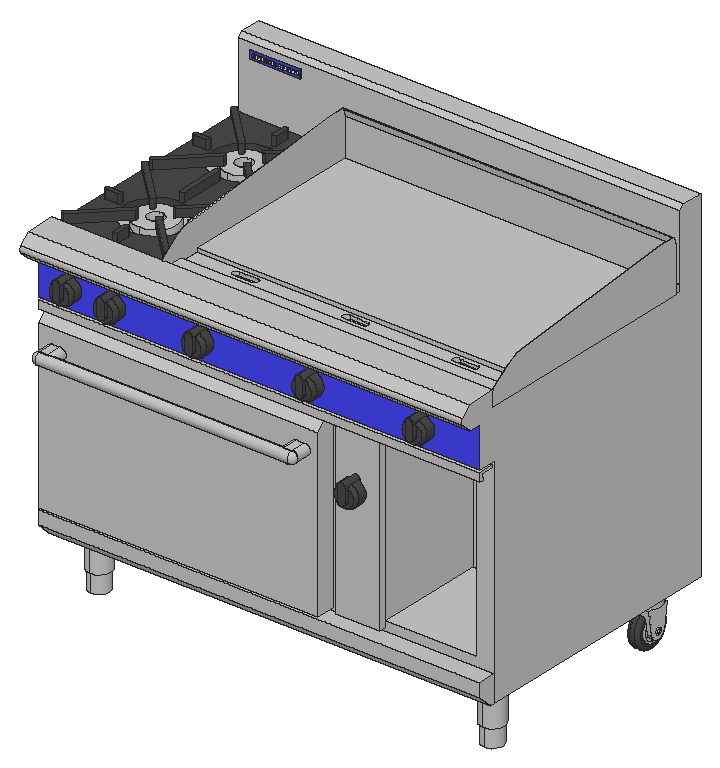
Revit family "QF_MOFFAT_BLUESEAL_CE_GE58A", category Specialty Equipment, Revit 2012
Parameters
  Width = 1200 mm
  Weight in Pounds = 485
  Watts = 6600 W
  Volts = 400 V
  URL Cutsheet = "www.moffat.com"
  URL = "www.moffat.com"
  Type Mark [instance] = ""
  Status [instance] = ""
  Specification by User [instance] = ""
  Specification by Manufacturer = ""
  Show Logo [instance] = yes
  Show Clearance [instance] = yes
  Show Casters [instance] = yes
  Serial Number = ""
  Seismic Rating = ""
  SMACNA No = ""
  Revision Code [instance] = ""
  Phase = 3
  Omniclass Number and Title = ""
  Number of Poles [instance] = 1
  NAFEM Spec ID Number = ""
  Model = "GE58A"
  Min Ckt Ampacity = 0 A
  Mechanical Remarks = ""
  Mechanical Connection Type [instance] = ""
  Max Overcurrent Protection = 0 A
  Masterspec = ""
  Manufacturer = "MOFFAT BLUESEAL"
  Legs [instance] = not(Show Casters)  # no
  Item Number [instance] = ""
  Installed By [instance] = ""
  Identify Quantity as Lot [instance] = yes
  Height = 970 mm
  HP = ""
  Gas Size = 3/4"
  Gas RI Height [instance] = 0 mm
  Gas KW = 32
  Gas Input [instance] = 81500.0 Btu/h
  Gas Connection Height = 0 mm
  Furnished By [instance] = ""
  Foodservice Equipment Identifier [instance] = yes
  FL Amps = 9.4 A
  Electrical Remarks = "9.4A PER PHASE"
  Electric Connection Type = ""
  Elec Conn RI Height = 0 mm
  Elec Conn Connection Height = 0 mm
  Description = "1200MM GAS RANGE WITH ELECTRIC CONVECTION OVEN"
  Depth = 812 mm
  Cycle = 50 Hz
  Conn Plug = ""
  Conn Conduit = yes
  CSI MasterFormat = ""
  CSI Master Format = ""
  Body Finish = QF_Finishes_Stainless Steel
  Apparent Power = 0 VA
Reference planes
  plane 1 "BACK": y = 0
  plane 2: z = 0
  plane 3 "LEFT": x = 0
  plane 4 "RIGHT": x = 1200
  plane 5 "FRONT": y = -812
  plane 6 "TOP": z = 970
  plane 7 "Center Y": x = 600
  plane 8 "Center X": y = -406
  plane 9: x = 280
  plane 10: y = -574.272
  plane 11: x = 60
  plane 12: y = -304.972
  plane 13: y = -364.972
  plane 14: x = 74
  plane 15: y = -812
  plane 16: x = 1134.5
  plane 17: y = -32
  plane 18: z = 655
  plane 19: x = 65.5
  plane 20: x = 65.8
  plane 21: z = 1085
  plane 22: y = -705
Forms (mm)
  Extrusion 1, solid, material "QF_Finishes_Stainless Steel" <- "Body Finish"
    sketch origin (0, 0, 0) x (0, 1, 0) y (0, 0, 1)
      loop
        line (0, 150) -> (0, 1085) -> (-57.5, 1085) -> (-70, 1072.5) -> (-70, 875) -> (-705, 875) -> (-705, 915) -> (-783.97, 915) -> (-808.49, 890.48)
        arc (-808.49, 890.48) -> (-812.002, 882) -> (-808.49, 873.52) r 11.993
        line (-808.49, 873.52) -> (-784.97, 850) -> (-749, 850) -> (-749, 740) -> (-699, 740) -> (-699, 150) -> (0, 150)
      loop
        line (-749, 222.5) -> (-749, 186) -> (-713.26, 150.26) -> (-701, 150.26) -> (-701, 222.5) -> (-749, 222.5)
      loop
        line (-749, 710) -> (-740.224, 710) -> (-742.613, 726.999) -> (-707.93, 726.999) -> (-707.93, 734.003) -> (-749, 734.003) -> (-749, 710)
    from 0 to 1200
  Extrusion 2, solid, material "QF_Finishes_Stainless Steel"
    sketch origin (0, 7, 0) x (0, 1, 0) y (0, 0, 1)
      loop
        line (-706, 700) -> (-732, 700) -> (-756, 676) -> (-756, 227.5) -> (-706, 227.5) -> (-706, 700)
    from 0 to 760
  Extrusion 3, solid, material "QF_Finishes_Stainless Steel"
    sketch origin (723.5, 7, 0) x (0, 1, 0) y (0, 0, 1)
      loop
        line (-706, 700) -> (-721, 700) -> (-721, 227.5) -> (-706, 227.5) -> (-706, 700)
    from 56.898 to 176.5
  Revolve 4, solid, material "QF_Finishes_Stainless Steel" <- "Body Finish"
    sketch origin (1134.5, -696.126, 0) x (0, 1, 0) y (0, 0, -1)
      loop
        line (39.376, -150) -> (71.126, -150) -> (71.126, 0) -> (43.626, 0) -> (43.626, -50) -> (39.376, -50) -> (39.376, -150)
      axis (71.126, -150) -> (71.126, 0)
    angle from 0 to 360
  Revolve 5, solid, material "QF_Finishes_Stainless Steel" <- "Body Finish"
    sketch origin (65.5, -696.126, 0) x (0, 1, 0) y (0, 0, 1)
      loop
        line (39.376, 150) -> (39.376, 50) -> (43.626, 50) -> (43.626, 0) -> (71.126, 0) -> (71.126, 150) -> (39.376, 150)
      axis (71.126, 150) -> (71.126, 0)
    angle from 0 to 360
  Extrusion 6, solid, material "QF_Finishes_Stainless Steel"
    sketch origin (-64.5, 0, 325) x (1, 0, 0) y (0, 1, 0)
      loop
        circle (1134.5, -32) r 10
    from 330 to 374.856
  Extrusion 7, void
    sketch origin (0, -703.73, 150) x (0, 0, -1) y (-1, 0, 0)
      loop
        line (-526, -900) -> (-526, -1150) -> (-96, -1150) -> (-96, -900) -> (-526, -900)
    from 0 to 304.8
  Extrusion 8, solid, material "QF_Finishes_Black"
    sketch origin (0, -70, 875) x (0, -1, 0) y (1, 0, 0)
      loop
        arc (1, 4) -> (1.879, 1.879) -> (4, 1) r 3
        line (4, 1) -> (632, 1)
        arc (632, 1) -> (634.121, 1.879) -> (635, 4) r 3
        line (635, 4) -> (635, 297.232)
        arc (635, 297.232) -> (634.121, 299.354) -> (632, 300.232) r 3
        line (632, 300.232) -> (4, 300.232)
        arc (4, 300.232) -> (1.879, 299.354) -> (1, 297.232) r 3
        line (1, 297.232) -> (1, 4)
      loop
        circle (167.5, 150) r 85
      loop
        circle (467.768, 150) r 85
    from 0 to 19.5
  Extrusion 9, solid, material "QF_Finishes_Black"
    sketch origin (0, -70, 894.5) x (0, -1, 0) y (1, 0, 0)
      loop
        spline (327.102, 15.153) -> (326.181, 13.924) -> (325.631, 12.47) -> (325.49, 10.89) -> (325.767, 9.292) -> (326.443, 7.786) -> (327.473, 6.473) -> (328.786, 5.443) -> (330.292, 4.767) -> (331.89, 4.49) -> (333.47, 4.631) -> (334.924, 5.181) -> (336.153, 6.102)
        line (336.153, 6.102) -> (444.076, 114.025)
        spline (444.076, 114.025) -> (444.837, 115.095) -> (445.238, 116.399) -> (445.251, 117.851) -> (444.875, 119.35) -> (444.137, 120.795) -> (443.086, 122.086) -> (441.795, 123.137) -> (440.35, 123.875) -> (438.851, 124.251) -> (437.399, 124.238) -> (436.095, 123.837) -> (435.025, 123.076)
        line (435.025, 123.076) -> (327.102, 15.153)
      loop
        line (611.398, 15.153) -> (503.475, 123.076)
        spline (503.475, 123.076) -> (502.405, 123.837) -> (501.101, 124.238) -> (499.649, 124.251) -> (498.15, 123.875) -> (496.705, 123.137) -> (495.414, 122.086) -> (494.363, 120.795) -> (493.625, 119.35) -> (493.249, 117.851) -> (493.262, 116.399) -> (493.663, 115.095) -> (494.424, 114.025)
        line (494.424, 114.025) -> (602.347, 6.102)
        spline (602.347, 6.102) -> (603.416, 5.341) -> (604.721, 4.941) -> (606.172, 4.928) -> (607.671, 5.303) -> (609.116, 6.041) -> (610.408, 7.092) -> (611.459, 8.384) -> (612.197, 9.829) -> (612.572, 11.328) -> (612.559, 12.779) -> (612.159, 14.084) -> (611.398, 15.153)
      loop
        spline (379.102, 143.6) -> (380.396, 143.818) -> (381.602, 144.457) -> (382.638, 145.475) -> (383.432, 146.8) -> (383.932, 148.344) -> (384.102, 150) -> (383.932, 151.656) -> (383.432, 153.2) -> (382.638, 154.525) -> (381.602, 155.543) -> (380.396, 156.182) -> (379.102, 156.4)
        line (379.102, 156.4) -> (259.398, 156.4)
        spline (259.398, 156.4) -> (258.104, 156.182) -> (256.898, 155.543) -> (255.862, 154.525) -> (255.068, 153.2) -> (254.568, 151.656) -> (254.398, 150) -> (254.568, 148.344) -> (255.068, 146.8) -> (255.862, 145.475) -> (256.898, 144.457) -> (258.104, 143.818) -> (259.398, 143.6)
        line (259.398, 143.6) -> (379.102, 143.6)
      loop
        spline (23.602, 15.153) -> (22.681, 13.924) -> (22.131, 12.47) -> (21.99, 10.89) -> (22.267, 9.292) -> (22.943, 7.786) -> (23.973, 6.473) -> (25.286, 5.443) -> (26.792, 4.767) -> (28.39, 4.49) -> (29.97, 4.631) -> (31.424, 5.181) -> (32.653, 6.102)
        line (32.653, 6.102) -> (140.576, 114.025)
        spline (140.576, 114.025) -> (141.337, 115.095) -> (141.738, 116.399) -> (141.751, 117.851) -> (141.375, 119.35) -> (140.637, 120.795) -> (139.586, 122.086) -> (138.295, 123.137) -> (136.85, 123.875) -> (135.351, 124.251) -> (133.899, 124.238) -> (132.595, 123.837) -> (131.525, 123.076)
        line (131.525, 123.076) -> (23.602, 15.153)
      loop
        line (311.398, 15.153) -> (203.475, 123.076)
        spline (203.475, 123.076) -> (202.405, 123.837) -> (201.101, 124.238) -> (199.649, 124.251) -> (198.15, 123.875) -> (196.705, 123.137) -> (195.414, 122.086) -> (194.363, 120.795) -> (193.625, 119.35) -> (193.249, 117.851) -> (193.262, 116.399) -> (193.663, 115.095) -> (194.424, 114.025)
        line (194.424, 114.025) -> (302.347, 6.102)
        spline (302.347, 6.102) -> (303.416, 5.341) -> (304.721, 4.941) -> (306.172, 4.928) -> (307.671, 5.303) -> (309.116, 6.041) -> (310.408, 7.092) -> (311.459, 8.384) -> (312.197, 9.829) -> (312.572, 11.328) -> (312.559, 12.779) -> (312.159, 14.084) -> (311.398, 15.153)
      loop
        line (327.102, 284.847) -> (435.025, 176.924)
        spline (435.025, 176.924) -> (436.095, 176.163) -> (437.399, 175.762) -> (438.851, 175.749) -> (440.35, 176.125) -> (441.795, 176.863) -> (443.086, 177.914) -> (444.137, 179.205) -> (444.875, 180.65) -> (445.251, 182.149) -> (445.238, 183.601) -> (444.837, 184.905) -> (444.076, 185.975)
        line (444.076, 185.975) -> (336.153, 293.898)
        spline (336.153, 293.898) -> (334.924, 294.819) -> (333.47, 295.369) -> (331.89, 295.51) -> (330.292, 295.233) -> (328.786, 294.557) -> (327.473, 293.527) -> (326.443, 292.214) -> (325.767, 290.708) -> (325.49, 289.11) -> (325.631, 287.53) -> (326.181, 286.076) -> (327.102, 284.847)
      loop
        spline (611.398, 284.847) -> (612.159, 285.916) -> (612.559, 287.221) -> (612.572, 288.672) -> (612.197, 290.171) -> (611.459, 291.616) -> (610.408, 292.908) -> (609.116, 293.959) -> (607.671, 294.697) -> (606.172, 295.072) -> (604.721, 295.059) -> (603.416, 294.659) -> (602.347, 293.898)
        line (602.347, 293.898) -> (494.424, 185.975)
        spline (494.424, 185.975) -> (493.663, 184.905) -> (493.262, 183.601) -> (493.249, 182.149) -> (493.625, 180.65) -> (494.363, 179.205) -> (495.414, 177.914) -> (496.705, 176.863) -> (498.15, 176.125) -> (499.649, 175.749) -> (501.101, 175.762) -> (502.405, 176.163) -> (503.475, 176.924)
        line (503.475, 176.924) -> (611.398, 284.847)
      loop
        line (23.602, 284.847) -> (131.525, 176.924)
        spline (131.525, 176.924) -> (132.595, 176.163) -> (133.899, 175.762) -> (135.351, 175.749) -> (136.85, 176.125) -> (138.295, 176.863) -> (139.586, 177.914) -> (140.637, 179.205) -> (141.375, 180.65) -> (141.751, 182.149) -> (141.738, 183.601) -> (141.337, 184.905) -> (140.576, 185.975)
        line (140.576, 185.975) -> (32.653, 293.898)
        spline (32.653, 293.898) -> (31.424, 294.819) -> (29.97, 295.369) -> (28.39, 295.51) -> (26.792, 295.233) -> (25.286, 294.557) -> (23.973, 293.527) -> (22.943, 292.214) -> (22.267, 290.708) -> (21.99, 289.11) -> (22.131, 287.53) -> (22.681, 286.076) -> (23.602, 284.847)
      loop
        spline (311.398, 284.847) -> (312.159, 285.916) -> (312.559, 287.221) -> (312.572, 288.672) -> (312.197, 290.171) -> (311.459, 291.616) -> (310.408, 292.908) -> (309.116, 293.959) -> (307.671, 294.697) -> (306.172, 295.072) -> (304.721, 295.059) -> (303.416, 294.659) -> (302.347, 293.898)
        line (302.347, 293.898) -> (194.424, 185.975)
        spline (194.424, 185.975) -> (193.663, 184.905) -> (193.262, 183.601) -> (193.249, 182.149) -> (193.625, 180.65) -> (194.363, 179.205) -> (195.414, 177.914) -> (196.705, 176.863) -> (198.15, 176.125) -> (199.649, 175.749) -> (201.101, 175.762) -> (202.405, 176.163) -> (203.475, 176.924)
        line (203.475, 176.924) -> (311.398, 284.847)
      loop
        spline (473.9, 292.104) -> (473.682, 293.398) -> (473.043, 294.604) -> (472.025, 295.64) -> (470.7, 296.434) -> (469.156, 296.934) -> (467.5, 297.104) -> (465.844, 296.934) -> (464.3, 296.434) -> (462.975, 295.64) -> (461.957, 294.604) -> (461.318, 293.398) -> (461.1, 292.104)
        line (461.1, 292.104) -> (461.1, 242.13)
        spline (461.1, 242.13) -> (461.318, 240.836) -> (461.957, 239.63) -> (462.975, 238.595) -> (464.3, 237.8) -> (465.844, 237.301) -> (467.5, 237.13) -> (469.156, 237.301) -> (470.7, 237.8) -> (472.025, 238.595) -> (473.043, 239.63) -> (473.682, 240.836) -> (473.9, 242.13)
        line (473.9, 242.13) -> (473.9, 292.104)
      loop
        spline (173.9, 292.104) -> (173.682, 293.398) -> (173.043, 294.604) -> (172.025, 295.64) -> (170.7, 296.434) -> (169.156, 296.934) -> (167.5, 297.104) -> (165.844, 296.934) -> (164.3, 296.434) -> (162.975, 295.64) -> (161.957, 294.604) -> (161.318, 293.398) -> (161.1, 292.104)
        line (161.1, 292.104) -> (161.1, 242.13)
        spline (161.1, 242.13) -> (161.318, 240.836) -> (161.957, 239.63) -> (162.975, 238.595) -> (164.3, 237.8) -> (165.844, 237.301) -> (167.5, 237.13) -> (169.156, 237.301) -> (170.7, 237.8) -> (172.025, 238.595) -> (173.043, 239.63) -> (173.682, 240.836) -> (173.9, 242.13)
        line (173.9, 242.13) -> (173.9, 292.104)
      loop
        spline (65.602, 143.6) -> (66.896, 143.818) -> (68.102, 144.457) -> (69.138, 145.475) -> (69.932, 146.8) -> (70.432, 148.344) -> (70.602, 150) -> (70.432, 151.656) -> (69.932, 153.2) -> (69.138, 154.525) -> (68.102, 155.543) -> (66.896, 156.182) -> (65.602, 156.4)
        line (65.602, 156.4) -> (29.398, 156.4)
        spline (29.398, 156.4) -> (28.104, 156.182) -> (26.898, 155.543) -> (25.862, 154.525) -> (25.068, 153.2) -> (24.568, 151.656) -> (24.398, 150) -> (24.568, 148.344) -> (25.068, 146.8) -> (25.862, 145.475) -> (26.898, 144.457) -> (28.104, 143.818) -> (29.398, 143.6)
        line (29.398, 143.6) -> (65.602, 143.6)
      loop
        spline (605.602, 143.6) -> (606.896, 143.818) -> (608.102, 144.457) -> (609.138, 145.475) -> (609.932, 146.8) -> (610.432, 148.344) -> (610.602, 150) -> (610.432, 151.656) -> (609.932, 153.2) -> (609.138, 154.525) -> (608.102, 155.543) -> (606.896, 156.182) -> (605.602, 156.4)
        line (605.602, 156.4) -> (569.398, 156.4)
        spline (569.398, 156.4) -> (568.104, 156.182) -> (566.898, 155.543) -> (565.862, 154.525) -> (565.068, 153.2) -> (564.568, 151.656) -> (564.398, 150) -> (564.568, 148.344) -> (565.068, 146.8) -> (565.862, 145.475) -> (566.898, 144.457) -> (568.104, 143.818) -> (569.398, 143.6)
        line (569.398, 143.6) -> (605.602, 143.6)
      loop
        line (460.626, 50.584) -> (460.626, 16.591)
        spline (460.626, 16.591) -> (460.844, 15.297) -> (461.483, 14.091) -> (462.501, 13.055) -> (463.826, 12.261) -> (465.37, 11.761) -> (467.026, 11.591) -> (468.682, 11.761) -> (470.226, 12.261) -> (471.551, 13.055) -> (472.569, 14.091) -> (473.208, 15.297) -> (473.426, 16.591)
        line (473.426, 16.591) -> (473.426, 50.584)
        spline (473.426, 50.584) -> (473.208, 51.878) -> (472.569, 53.084) -> (471.551, 54.119) -> (470.226, 54.914) -> (468.682, 55.413) -> (467.026, 55.584) -> (465.37, 55.413) -> (463.826, 54.914) -> (462.501, 54.119) -> (461.483, 53.084) -> (460.844, 51.878) -> (460.626, 50.584)
      loop
        line (160.11, 50.584) -> (160.11, 16.591)
        spline (160.11, 16.591) -> (160.328, 15.297) -> (160.967, 14.091) -> (161.984, 13.055) -> (163.31, 12.261) -> (164.853, 11.761) -> (166.51, 11.591) -> (168.166, 11.761) -> (169.71, 12.261) -> (171.035, 13.055) -> (172.052, 14.091) -> (172.692, 15.297) -> (172.91, 16.591)
        line (172.91, 16.591) -> (172.91, 50.584)
        spline (172.91, 50.584) -> (172.692, 51.878) -> (172.052, 53.084) -> (171.035, 54.119) -> (169.71, 54.914) -> (168.166, 55.413) -> (166.51, 55.584) -> (164.853, 55.413) -> (163.31, 54.914) -> (161.984, 54.119) -> (160.967, 53.084) -> (160.328, 51.878) -> (160.11, 50.584)
    from 0 to 23.5
  Revolve 10, solid, material "QF_Finishes_Black"
    sketch origin (90.649, 45.874, -0.118) x (0, 1, 0) y (0, 0, -1)
      loop
        line (-827.874, -829.5) -> (-804.874, -829.5) -> (-804.874, -802) -> (-794.874, -802) -> (-794.874, -797) -> (-838.874, -797) -> (-838.874, -823.651) -> (-827.874, -829.5)
      axis (-838.874, -797) -> (-794.874, -797)
    angle from 0 to 360
  Revolve 11, solid, material "QF_Finishes_Black"
    sketch origin (210.649, 45.874, -0.118) x (0, 1, 0) y (0, 0, -1)
      loop
        line (-827.874, -829.5) -> (-804.874, -829.5) -> (-804.874, -802) -> (-794.874, -802) -> (-794.874, -797) -> (-838.874, -797) -> (-838.874, -823.651) -> (-827.874, -829.5)
      axis (-838.874, -797) -> (-794.874, -797)
    angle from 0 to 360
  Revolve 12, solid, material "QF_Finishes_Black"
    sketch origin (450.345, 45.874, -0.118) x (0, 1, 0) y (0, 0, -1)
      loop
        line (-827.874, -829.5) -> (-804.874, -829.5) -> (-804.874, -802) -> (-794.874, -802) -> (-794.874, -797) -> (-838.874, -797) -> (-838.874, -823.651) -> (-827.874, -829.5)
      axis (-838.874, -797) -> (-794.874, -797)
    angle from 0 to 360
  Extrusion 13, solid, material "QF_Finishes_Black"
    sketch origin (238.456, 7, -0.118) x (-1, 0, 0) y (0, 0, -1)
      loop
        arc (158.3, -789) -> (148.3, -779) -> (138.3, -789) r 10
        line (138.3, -789) -> (138.3, -824)
        arc (138.3, -824) -> (148.3, -834) -> (158.3, -824) r 10
        line (158.3, -824) -> (158.3, -789)
    from 759 to 808
  Extrusion 14, solid, material "QF_Finishes_Black"
    sketch origin (358.456, 7, -0.118) x (-1, 0, 0) y (0, 0, -1)
      loop
        arc (158.3, -789) -> (148.3, -779) -> (138.3, -789) r 10
        line (138.3, -789) -> (138.3, -824)
        arc (138.3, -824) -> (148.3, -834) -> (158.3, -824) r 10
        line (158.3, -824) -> (158.3, -789)
    from 759 to 808
  Extrusion 15, solid, material "QF_Finishes_Black"
    sketch origin (598.152, 7, -0.118) x (-1, 0, 0) y (0, 0, -1)
      loop
        arc (158.3, -789) -> (148.3, -779) -> (138.3, -789) r 10
        line (138.3, -789) -> (138.3, -824)
        arc (138.3, -824) -> (148.3, -834) -> (158.3, -824) r 10
        line (158.3, -824) -> (158.3, -789)
    from 759 to 808
  Revolve 16, solid, material "QF_Finishes_Black"
    sketch origin (836.851, 80.874, -246.368) x (0, 1, 0) y (0, 0, 1)
      loop
        line (-827.874, 829.5) -> (-838.874, 823.651) -> (-838.874, 797) -> (-794.874, 797) -> (-794.874, 802) -> (-804.874, 802) -> (-804.874, 829.5) -> (-827.874, 829.5)
      axis (-838.874, 797) -> (-794.874, 797)
    angle from 0 to 360
  Extrusion 17, solid, material "QF_Finishes_Black"
    sketch origin (389.044, 42, -246.368) x (1, 0, 0) y (0, 0, 1)
      loop
        line (458.3, 789) -> (458.3, 824)
        arc (458.3, 824) -> (448.3, 834) -> (438.3, 824) r 10
        line (438.3, 824) -> (438.3, 789)
        arc (438.3, 789) -> (448.3, 779) -> (458.3, 789) r 10
    from 759 to 808
  Extrusion 18, solid, material "QF_Door-Drawer Clearances", visible <- "Show Clearance", detail levels coarse
    sketch origin (760, 7, 0) x (0, 1, 0) y (0, 0, 1)
      loop
        arc (-756, 697.347) -> (-1088.232, 559.732) -> (-1225.847, 227.5) r 469.847
        line (-1225.847, 227.5) -> (-756, 227.5) -> (-756, 697.347)
    from 0 to -760
  Extrusion 19, void
    sketch origin (0, 0, 150) x (-1, 0, 0) y (0, -1, 0)
      loop
        line (-1133.988, 87.26) -> (-1133.988, -30.24) -> (-1004.488, -30.24) -> (-1004.488, 38.76) -> (-1052.988, 87.26) -> (-1133.988, 87.26)
    from 72.5 to 549.856
  Extrusion 20, solid, material "QF_Finishes_Stainless Steel"
    sketch origin (0, -749, 227.5) x (0, 0, 1) y (-1, 0, 0)
      loop
        line (380.625, -38.246) -> (380.625, -58.528)
        arc (380.625, -58.528) -> (395.625, -73.528) -> (410.625, -58.528) r 15
        line (410.625, -58.528) -> (410.625, -38.246)
        arc (410.625, -38.246) -> (395.625, -23.246) -> (380.625, -38.246) r 15
      loop
        arc (380.625, -723.039) -> (395.625, -738.039) -> (410.625, -723.039) r 15
        line (410.625, -723.039) -> (410.625, -702.757)
        arc (410.625, -702.757) -> (395.625, -687.757) -> (380.625, -702.757) r 15
        line (380.625, -702.757) -> (380.625, -723.039)
    from 0 to 44
  Revolve 21, solid, material "QF_Finishes_Stainless Steel"
    sketch origin (0, -793, 0) x (1, 0, 0) y (0, 0, 1)
      loop
        arc (738.039, 623.125) -> (733.646, 633.732) -> (723.039, 638.125) r 15
        line (723.039, 638.125) -> (38.246, 638.125)
        arc (38.246, 638.125) -> (27.64, 633.732) -> (23.246, 623.125) r 15
        line (23.246, 623.125) -> (738.039, 623.125)
      axis (738.039, 623.125) -> (23.246, 623.125)
    angle from 0 to 360
  Extrusion 22, solid, material "QF_Finishes_Stainless Steel"
    sketch origin (0, -70, 875) x (0, -1, 0) y (1, 0, 0)
      loop
        circle (467.5, 150) r 57
      loop
        circle (167.5, 150) r 57
      loop
        circle (467.5, 150) r 22
      loop
        circle (167.5, 150) r 22
    from 0 to 19.5
  Extrusion 23, solid, material "QF_Finishes_Stainless Steel"
    sketch origin (0, 0, 0) x (1, 0, 0) y (0, 1, 0)
      loop
        circle (826, -501) r 6.35
    from 148.072 to 150
  Extrusion 24, solid, material "QF_Finishes_Stainless Steel", visible <- "Show Casters"
    sketch origin (71.501, 133.353, -8.783) x (0, 1, 0) y (0, 0, 1)
      loop
        line (-201.603, 118.783) -> (-265.103, 118.783) -> (-252.746, 53.895)
        arc (-252.746, 53.895) -> (-233.353, 38.783) -> (-213.959, 53.895) r 20
        line (-213.959, 53.895) -> (-201.603, 118.783)
    from -35.667 to 22.923
  Revolve 25, solid, material "QF_Finishes_Stainless Steel", visible <- "Show Casters"
    sketch origin (65, -203, 0) x (0, 1, 0) y (0, 0, 1)
      loop
        line (67.25, 150) -> (67.25, 110) -> (103, 110) -> (103, 150) -> (67.25, 150)
      axis (103, 150) -> (103, 110)
    angle from 0 to 360
  Revolve 26, solid, material "QF_Finishes_Stainless Steel", visible <- "Show Casters"
    sketch origin (1134.5, -203, 0) x (0, 1, 0) y (0, 0, -1)
      loop
        line (67.25, -150) -> (103, -150) -> (103, -110) -> (67.25, -110) -> (67.25, -150)
      axis (103, -150) -> (103, -110)
    angle from 0 to 360
  Revolve 27, solid, material "QF_Finishes_Stainless Steel", visible <- "Show Casters"
    sketch origin (1085.276, -99.755, -13.653) x (1, 0, 0) y (0, 0, 1)
      loop
        line (14.841, 64.453) -> (83.584, 64.453) -> (83.584, 67.958) -> (82.314, 69.228) -> (80.79, 69.228) -> (80.79, 72.674) -> (68.644, 72.674) -> (68.644, 82.639) -> (65.088, 84.692) -> (63.738, 93.028) -> (65.881, 93.028) -> (65.881, 99.378) -> (65.088, 99.378) -> (65.088, 105.728)
        arc (65.088, 105.728) -> (62.298, 112.463) -> (55.563, 115.253) r 9.525
        line (55.563, 115.253) -> (42.863, 115.253)
        arc (42.863, 115.253) -> (36.127, 112.463) -> (33.338, 105.728) r 9.525
        line (33.338, 105.728) -> (33.338, 99.378) -> (32.544, 99.378) -> (32.544, 93.028) -> (34.687, 93.028) -> (33.352, 84.781) -> (29.782, 82.719) -> (29.782, 72.674) -> (17.635, 72.674) -> (17.635, 69.228) -> (16.111, 69.228) -> (14.841, 67.958) -> (14.841, 64.453)
      axis (14.841, 64.453) -> (83.584, 64.453)
    angle from 0 to 360
  Extrusion 28, solid, material "QF_Finishes_Stainless Steel", visible <- "Show Casters"
    sketch origin (1141.001, 133.353, -8.783) x (0, 1, 0) y (0, 0, 1)
      loop
        line (-201.603, 118.783) -> (-265.103, 118.783) -> (-252.746, 53.895)
        arc (-252.746, 53.895) -> (-233.353, 38.783) -> (-213.959, 53.895) r 20
        line (-213.959, 53.895) -> (-201.603, 118.783)
    from -35.667 to 22.923
  Revolve 29, solid, material "QF_Finishes_Stainless Steel", visible <- "Legs"
    sketch origin (65, -165, 0) x (0, 1, 0) y (0, 0, 1)
      loop
        line (33.25, 150) -> (33.25, 50) -> (37.5, 50) -> (37.5, 0) -> (65, 0) -> (65, 150) -> (33.25, 150)
      axis (65, 150) -> (65, 0)
    angle from 0 to 360
  Revolve 30, solid, material "QF_Finishes_Stainless Steel", visible <- "Legs"
    sketch origin (1134.5, -165, 0) x (0, 1, 0) y (0, 0, -1)
      loop
        line (33.25, -150) -> (65, -150) -> (65, 0) -> (37.5, 0) -> (37.5, -50) -> (33.25, -50) -> (33.25, -150)
      axis (65, -150) -> (65, 0)
    angle from 0 to 360
  Revolve 31, solid, material "QF_Finishes_Stainless Steel", visible <- "Show Casters"
    sketch origin (114.224, -99.755, -13.653) x (-1, 0, 0) y (0, 0, -1)
      loop
        line (14.841, -64.453) -> (14.841, -67.958) -> (16.111, -69.228) -> (17.635, -69.228) -> (17.635, -72.674) -> (29.782, -72.674) -> (29.782, -82.719) -> (33.352, -84.781) -> (34.687, -93.028) -> (32.544, -93.028) -> (32.544, -99.378) -> (33.338, -99.378) -> (33.338, -105.728)
        arc (33.338, -105.728) -> (36.127, -112.463) -> (42.863, -115.253) r 9.525
        line (42.863, -115.253) -> (55.563, -115.253)
        arc (55.563, -115.253) -> (62.298, -112.463) -> (65.088, -105.728) r 9.525
        line (65.088, -105.728) -> (65.088, -99.378) -> (65.881, -99.378) -> (65.881, -93.028) -> (63.738, -93.028) -> (65.088, -84.692) -> (68.644, -82.639) -> (68.644, -72.674) -> (80.79, -72.674) -> (80.79, -69.228) -> (82.314, -69.228) -> (83.584, -67.958) -> (83.584, -64.453) -> (14.841, -64.453)
      axis (14.841, -64.453) -> (83.584, -64.453)
    angle from 0 to 360
  Revolve 32, solid, material "QF_Finishes_Black"
    sketch origin (750.232, 45.874, -0.118) x (0, 1, 0) y (0, 0, -1)
      loop
        line (-827.874, -829.5) -> (-804.874, -829.5) -> (-804.874, -802) -> (-794.874, -802) -> (-794.874, -797) -> (-838.874, -797) -> (-838.874, -823.651) -> (-827.874, -829.5)
      axis (-838.874, -797) -> (-794.874, -797)
    angle from 0 to 360
  Extrusion 33, solid, material "QF_Finishes_Black"
    sketch origin (898.039, 7, -0.118) x (-1, 0, 0) y (0, 0, -1)
      loop
        arc (158.3, -789) -> (148.3, -779) -> (138.3, -789) r 10
        line (138.3, -789) -> (138.3, -824)
        arc (138.3, -824) -> (148.3, -834) -> (158.3, -824) r 10
        line (158.3, -824) -> (158.3, -789)
    from 759 to 808
  Revolve 34, solid, material "QF_Finishes_Black"
    sketch origin (1050.119, 45.874, -0.118) x (0, 1, 0) y (0, 0, -1)
      loop
        line (-827.874, -829.5) -> (-804.874, -829.5) -> (-804.874, -802) -> (-794.874, -802) -> (-794.874, -797) -> (-838.874, -797) -> (-838.874, -823.651) -> (-827.874, -829.5)
      axis (-838.874, -797) -> (-794.874, -797)
    angle from 0 to 360
  Extrusion 35, solid, material "QF_Finishes_Black"
    sketch origin (1197.926, 7, -0.118) x (-1, 0, 0) y (0, 0, -1)
      loop
        arc (158.3, -789) -> (148.3, -779) -> (138.3, -789) r 10
        line (138.3, -789) -> (138.3, -824)
        arc (138.3, -824) -> (148.3, -834) -> (158.3, -824) r 10
        line (158.3, -824) -> (158.3, -789)
    from 759 to 808
Cuts and joins
  Extrusion 7, Extrusion 19 cuts Extrusion 1
Lines and regions (mm)
  Split face 1
    outline origin (1200, 0, 1085) x (-1, 0, 0) y (0, -1, 0)
      loop
        arc (935.206, 45.185) -> (926.545, 40.185) -> (926.545, 30.185) r 10
        line (926.545, 30.185) -> (930.587, 23.185)
        arc (930.587, 23.185) -> (934.247, 19.525) -> (939.247, 18.185) r 10
        line (939.247, 18.185) -> (1167.206, 18.185)
        arc (1167.206, 18.185) -> (1175.866, 23.185) -> (1175.866, 33.185) r 10
        line (1175.866, 33.185) -> (1171.824, 40.185)
        arc (1171.824, 40.185) -> (1168.164, 43.845) -> (1163.164, 45.185) r 10
        line (1163.164, 45.185) -> (935.206, 45.185)
  Split face 2
    outline origin (1200, 0, 1085) x (-1, 0, 0) y (0, -1, 0)
      loop
        arc (635.206, 45.185) -> (626.545, 40.185) -> (626.545, 30.185) r 10
        line (626.545, 30.185) -> (630.587, 23.185)
        arc (630.587, 23.185) -> (634.247, 19.525) -> (639.247, 18.185) r 10
        line (639.247, 18.185) -> (867.206, 18.185)
        arc (867.206, 18.185) -> (875.866, 23.185) -> (875.866, 33.185) r 10
        line (875.866, 33.185) -> (871.824, 40.185)
        arc (871.824, 40.185) -> (868.164, 43.845) -> (863.164, 45.185) r 10
        line (863.164, 45.185) -> (635.206, 45.185)
  Split face 3
    outline origin (1200, 0, 1085) x (-1, 0, 0) y (0, -1, 0)
      loop
        arc (335.206, 45.185) -> (326.545, 40.185) -> (326.545, 30.185) r 10
        line (326.545, 30.185) -> (330.587, 23.185)
        arc (330.587, 23.185) -> (334.247, 19.525) -> (339.247, 18.185) r 10
        line (339.247, 18.185) -> (567.206, 18.185)
        arc (567.206, 18.185) -> (575.866, 23.185) -> (575.866, 33.185) r 10
        line (575.866, 33.185) -> (571.824, 40.185)
        arc (571.824, 40.185) -> (568.164, 43.845) -> (563.164, 45.185) r 10
        line (563.164, 45.185) -> (335.206, 45.185)
  Split face 4
    outline origin (1200, 0, 1085) x (-1, 0, 0) y (0, -1, 0)
      loop
        arc (35.206, 45.185) -> (26.545, 40.185) -> (26.545, 30.185) r 10
        line (26.545, 30.185) -> (30.587, 23.185)
        arc (30.587, 23.185) -> (34.247, 19.525) -> (39.247, 18.185) r 10
        line (39.247, 18.185) -> (267.206, 18.185)
        arc (267.206, 18.185) -> (275.866, 23.185) -> (275.866, 33.185) r 10
        line (275.866, 33.185) -> (271.824, 40.185)
        arc (271.824, 40.185) -> (268.164, 43.845) -> (263.164, 45.185) r 10
        line (263.164, 45.185) -> (35.206, 45.185)
  symbolic lines
    curve 1: line (0, 0, 0) -> (0, -812, 0)
    curve 2: line (1200, 0, 0) -> (0, 0, 0)
    curve 3: line (1200, -812, 0) -> (1200, 0, 0)
    curve 4: line (0, -70, 0) -> (1200, -70, 0)
    curve 5: line (1200, -812, 0) -> (0, -812, 0)
    curve 6: line (1200, -708.3, 0) -> (0, -708.3, 0)
    curve 7: line (0, -705, 0) -> (1200, -705, 0)
    curve 8: line (1200, -72.734, 0) -> (0, -72.734, 0)
    curve 9: arc (22.65, -812, 0) -> (34.104, -822.278, 0) -> (48.889, -826.544, 0) r 34.455
    curve 10: line (48.889, -826.544, 0) -> (718.108, -826.544, 0)
    curve 11: arc (718.108, -826.544, 0) -> (732.653, -822.647, 0) -> (743.3, -812, 0) r 29.089
    curve 12: line (6.08, -94.387, 0) -> (121.515, -209.822, 0)
    curve 13: line (293.92, -94.387, 0) -> (178.485, -209.822, 0)
    curve 14: line (6.83, -379.864, 0) -> (121.515, -265.178, 0)
    curve 15: line (292.516, -379.21, 0) -> (178.485, -265.178, 0)
    curve 16: line (6.08, -398.155, 0) -> (121.515, -510.089, 0)
    curve 17: line (293.92, -398.155, 0) -> (178.485, -510.089, 0)
    curve 18: line (9.883, -677.078, 0) -> (121.515, -565.446, 0)
    curve 19: line (291.622, -678.583, 0) -> (178.485, -565.446, 0)
    curve 20: arc (150, -294.5, 0) -> (207, -237.5, 0) -> (150, -180.5, 0) r 57
    curve 21: arc (150, -180.5, 0) -> (93, -237.5, 0) -> (150, -294.5, 0) r 57
    curve 22: arc (150, -594.5, 0) -> (207, -537.5, 0) -> (150, -480.5, 0) r 57
    curve 23: arc (150, -480.5, 0) -> (93, -537.5, 0) -> (150, -594.5, 0) r 57
    curve 24: line (297.78, -237.81, 0) -> (237.78, -237.81, 0)
    curve 25: line (149.618, -450.258, 0) -> (149.618, -325.258, 0)
    curve 26: line (297.78, -537.81, 0) -> (237.78, -537.81, 0)
    curve 27: line (149.197, -139.807, 0) -> (149.197, -94.807, 0)
    curve 28: line (149.197, -674.807, 0) -> (149.197, -634.807, 0)
    curve 29: line (49.678, -236.51, 0) -> (14.678, -236.51, 0)
    curve 30: line (49.678, -536.51, 0) -> (14.678, -536.51, 0)
    curve 34: arc (150, -322.5, 0) -> (65, -237.5, 0) -> (150, -152.5, 0) r 85
    curve 35: arc (150, -152.5, 0) -> (235, -237.5, 0) -> (150, -322.5, 0) r 85
    curve 36: arc (150, -452.768, 0) -> (235, -537.768, 0) -> (150, -622.768, 0) r 85
    curve 37: arc (150, -622.768, 0) -> (65, -537.768, 0) -> (150, -452.768, 0) r 85
    curve 38: line (300.232, -72.734, 0) -> (300.232, -705, 0)
    curve 39: line (0, -390.308, 0) -> (300.232, -390.308, 0)
    curve 40: arc (150, -215.5, 0) -> (172, -237.5, 0) -> (150, -259.5, 0) r 22
    curve 41: arc (150, -259.5, 0) -> (128, -237.5, 0) -> (150, -215.5, 0) r 22
    curve 42: arc (150, -515.5, 0) -> (172, -537.5, 0) -> (150, -559.5, 0) r 22
    curve 43: arc (150, -559.5, 0) -> (128, -537.5, 0) -> (150, -515.5, 0) r 22
    curve 44: line (1160.753, -18.185, 0) -> (932.794, -18.185, 0)
    curve 45: arc (932.794, -18.185, 0) -> (924.134, -23.185, 0) -> (924.134, -33.185, 0) r 10
    curve 46: line (924.134, -33.185, 0) -> (928.176, -40.185, 0)
    curve 47: arc (928.176, -40.185, 0) -> (931.836, -43.845, 0) -> (936.836, -45.185, 0) r 10
    curve 48: line (936.836, -45.185, 0) -> (1164.794, -45.185, 0)
    curve 49: arc (1164.794, -45.185, 0) -> (1173.455, -40.185, 0) -> (1173.455, -30.185, 0) r 10
    curve 50: line (1173.455, -30.185, 0) -> (1169.413, -23.185, 0)
    curve 51: arc (1169.413, -23.185, 0) -> (1165.753, -19.525, 0) -> (1160.753, -18.185, 0) r 10
    curve 52: line (632.794, -18.185, 0) -> (860.753, -18.185, 0)
    curve 53: arc (860.753, -18.185, 0) -> (865.753, -19.525, 0) -> (869.413, -23.185, 0) r 10
    curve 54: line (869.413, -23.185, 0) -> (873.455, -30.185, 0)
    curve 55: arc (873.455, -30.185, 0) -> (873.455, -40.185, 0) -> (864.794, -45.185, 0) r 10
    curve 56: line (864.794, -45.185, 0) -> (636.836, -45.185, 0)
    curve 57: arc (636.836, -45.185, 0) -> (631.836, -43.845, 0) -> (628.176, -40.185, 0) r 10
    curve 58: line (628.176, -40.185, 0) -> (624.134, -33.185, 0)
    curve 59: arc (624.134, -33.185, 0) -> (624.134, -23.185, 0) -> (632.794, -18.185, 0) r 10
    curve 60: line (332.794, -18.185, 0) -> (560.753, -18.185, 0)
    curve 61: arc (560.753, -18.185, 0) -> (565.753, -19.525, 0) -> (569.413, -23.185, 0) r 10
    curve 62: line (569.413, -23.185, 0) -> (573.455, -30.185, 0)
    curve 63: arc (573.455, -30.185, 0) -> (573.455, -40.185, 0) -> (564.794, -45.185, 0) r 10
    curve 64: line (564.794, -45.185, 0) -> (336.836, -45.185, 0)
    curve 65: arc (336.836, -45.185, 0) -> (331.836, -43.845, 0) -> (328.176, -40.185, 0) r 10
    curve 66: line (328.176, -40.185, 0) -> (324.134, -33.185, 0)
    curve 67: arc (324.134, -33.185, 0) -> (324.134, -23.185, 0) -> (332.794, -18.185, 0) r 10
    curve 68: line (260.753, -18.185, 0) -> (32.794, -18.185, 0)
    curve 69: arc (32.794, -18.185, 0) -> (24.134, -23.185, 0) -> (24.134, -33.185, 0) r 10
    curve 70: line (24.134, -33.185, 0) -> (28.176, -40.185, 0)
    curve 71: arc (28.176, -40.185, 0) -> (31.836, -43.845, 0) -> (36.836, -45.185, 0) r 10
    curve 72: line (36.836, -45.185, 0) -> (264.794, -45.185, 0)
    curve 73: arc (264.794, -45.185, 0) -> (273.455, -40.185, 0) -> (273.455, -30.185, 0) r 10
    curve 74: line (273.455, -30.185, 0) -> (269.413, -23.185, 0)
    curve 75: arc (269.413, -23.185, 0) -> (265.753, -19.525, 0) -> (260.753, -18.185, 0) r 10
    curve 76: line (0, -57.5, 0) -> (1200, -57.5, 0)
    curve 77: line (0, -783.97, 0) -> (1200, -783.97, 0)
  symbolic lines, style "QF_Door-Drawer Clearances", visible <- "Show Clearance"
    curve 31: line (0, -1218.847, 0) -> (760, -1218.847, 0)
    curve 32: line (760, -1218.847, 0) -> (760, -812, 0)
    curve 33: line (0, -1218.847, 0) -> (0, -812, 0)
Dimensions and locks
  equal spacing: plane 3 "LEFT", plane 7 "Center Y", plane 4 "RIGHT"
  "Width": plane 3 "LEFT" to plane 4 "RIGHT"
  equal spacing: plane 5 "FRONT", plane 8 "Center X", plane 1 "BACK"
  plane 5 "FRONT" to plane 1 "BACK" = 812 mm  (x2)
  equal spacing: plane 4 "RIGHT", plane 7 "Center Y", plane 3 "LEFT"
  plane 4 "RIGHT" to plane 3 "LEFT" = 1200 mm
  "Height": plane 6 "TOP" to level
  plane 10 to plane 1 "BACK" = 574.272 mm
  plane 12 to plane 1 "BACK" = 304.972 mm  (x2)
  plane 11 to plane 3 "LEFT" = 60 mm
  plane 14 to plane 3 "LEFT" = 74 mm
  plane 9 to plane 3 "LEFT" = 280 mm
  "Depth": plane 1 "BACK" to plane 15
  plane 5 "FRONT" to plane 15 = 0 mm
  plane 6 "TOP" to plane 2 = 970 mm
  plane 2 to Extrusion 1 sketch curve = 875 mm
  locked: plane 2 to Extrusion 1 sketch curve at 915
  locked: plane 4 "RIGHT" to plane 16 at 65.5
  Extrusion 8 sketch curve to plane 20 = 64.8 mm
  Extrusion 23 sketch curve to plane 4 "RIGHT" = 374 mm
  Extrusion 23 sketch curve to plane 1 "BACK" = 501 mm
  plane 21 to level = 1085 mm
  Revolve 27 sketch curve to Revolve 27 sketch curve = 50.8 mm
  Revolve 31 sketch curve to Revolve 31 sketch curve = 50.8 mm
  aligned and locked: level to plane 2
  aligned and locked: curve 3 to plane 4 "RIGHT"
  aligned and locked: Extrusion 1 to plane 4 "RIGHT"
  aligned and locked: plane 16 to Revolve 4
  aligned and locked: Extrusion 18 to Extrusion 2
Automatic sketch dimensions
  curve 20 to curve 34 = 0 mm
  curve 21 to curve 35 = 0 mm
  curve 21 to curve 41 = 0 mm
  curve 22 to curve 43 = 0 mm
  curve 23 to curve 43 = 0 mm
  curve 35 to curve 41 = 0 mm
  plane 1 "BACK" to curve 1 = 0 mm
  curve 1 to plane 3 "LEFT" = 0 mm
  plane 5 "FRONT" to curve 9 = 0 mm
  plane 22 to curve 38 = 0 mm
  plane 3 "LEFT" to curve 16 = 6.08 mm
  plane 3 "LEFT" to curve 12 = 6.08 mm
  plane 3 "LEFT" to curve 14 = 6.83 mm
  plane 3 "LEFT" to curve 18 = 9.883 mm
  plane 3 "LEFT" to curve 29 = 14.678 mm
  plane 3 "LEFT" to curve 30 = 14.678 mm
  plane 3 "LEFT" to curve 9 = 22.65 mm
  curve 70 to plane 17 = 1.185 mm
  plane 3 "LEFT" to curve 70 = 24.134 mm
  curve 69 to curve 71 = 4.041 mm
  curve 69 to curve 69 = 8.66 mm
  curve 71 to curve 71 = 8.66 mm
  curve 10 to plane 11 = 11.111 mm
  curve 29 to plane 11 = 10.322 mm
  curve 30 to plane 11 = 10.322 mm
  curve 9 to plane 11 = 9.192 mm
  plane 10 to curve 18 = 8.826 mm
  plane 14 to curve 18 = 47.515 mm
  plane 14 to curve 14 = 47.515 mm
  plane 14 to curve 12 = 47.515 mm
  plane 14 to curve 16 = 47.515 mm
  curve 18 to curve 28 = 27.682 mm
  plane 14 to curve 27 = 75.197 mm
  curve 25 to plane 12 = 20.285 mm
  curve 14 to curve 25 = 28.103 mm
  curve 16 to curve 22 = 28.485 mm
  curve 12 to curve 41 = 28.485 mm
  curve 25 to curve 37 = 0.382 mm
  curve 42 to curve 17 = 28.485 mm
  curve 40 to curve 13 = 28.485 mm
  plane 10 to curve 19 = 8.826 mm
  curve 42 to curve 19 = 28.485 mm
  plane 12 to curve 15 = 39.794 mm
  curve 40 to curve 15 = 28.485 mm
  curve 24 to plane 9 = 42.22 mm
  curve 26 to plane 9 = 42.22 mm
  curve 68 to plane 9 = 19.247 mm
  curve 73 to plane 9 = 15.206 mm
  curve 75 to curve 75 = 8.66 mm
  plane 17 to curve 74 = 1.815 mm
  curve 74 to plane 9 = 6.545 mm
  plane 9 to curve 19 = 11.622 mm
  plane 9 to curve 15 = 12.516 mm
  plane 9 to curve 13 = 13.92 mm
  plane 9 to curve 17 = 13.92 mm
  plane 9 to curve 24 = 17.78 mm
  plane 9 to curve 26 = 17.78 mm
  plane 9 to curve 38 = 20.232 mm
  curve 67 to plane 17 = 1.185 mm
  plane 9 to curve 67 = 44.134 mm
  curve 66 to plane 17 = 8.185 mm
  curve 66 to curve 66 = 4.041 mm
  plane 17 to curve 67 = 13.815 mm
  curve 67 to curve 67 = 8.66 mm
  curve 65 to curve 64 = 8.66 mm
  curve 60 to plane 7 "Center Y" = 39.247 mm
  curve 61 to curve 64 = 4.041 mm
  curve 61 to curve 61 = 8.66 mm
  plane 17 to curve 63 = 1.815 mm
  curve 61 to curve 63 = 4.041 mm
  curve 59 to plane 17 = 1.185 mm
  plane 7 "Center Y" to curve 59 = 24.134 mm
  curve 59 to curve 57 = 4.041 mm  (x2)
  plane 17 to curve 59 = 13.815 mm
  curve 59 to curve 59 = 8.66 mm
  curve 57 to plane 17 = 3.185 mm
  curve 55 to plane 17 = 3.185 mm
  curve 53 to curve 55 = 4.041 mm
  plane 17 to curve 54 = 8.815 mm
  curve 53 to curve 54 = 8.66 mm
  plane 17 to curve 55 = 1.815 mm
  curve 54 to curve 55 = 4.041 mm
  curve 46 to plane 17 = 1.185 mm
  curve 54 to curve 46 = 50.679 mm
  curve 45 to curve 47 = 4.041 mm  (x2)
  curve 45 to curve 44 = 8.66 mm
  curve 47 to plane 17 = 3.185 mm
  plane 17 to curve 44 = 13.815 mm
  plane 16 to curve 44 = 26.253 mm
  curve 49 to plane 17 = 3.185 mm
  curve 51 to curve 49 = 4.041 mm
  curve 51 to curve 51 = 8.66 mm
  plane 17 to curve 50 = 1.815 mm
  curve 51 to curve 50 = 4.041 mm
  plane 5 "FRONT" to curve 9 = 14.544 mm
  curve 33 to curve 9 = 392.303 mm
  curve 77 to plane 5 "FRONT" = 28.03 mm
  plane 22 to curve 6 = 3.3 mm
  curve 19 to plane 22 = 26.417 mm
  curve 18 to plane 22 = 27.922 mm
  curve 28 to plane 22 = 30.193 mm
  curve 28 to curve 28 = 40 mm
  curve 28 to curve 36 = 12.039 mm
  curve 23 to plane 10 = 20.228 mm
  plane 10 to curve 42 = 14.772 mm
  plane 10 to curve 26 = 36.462 mm
  curve 42 to curve 36 = 21.732 mm
  curve 36 to curve 42 = 0.268 mm
  plane 10 to curve 30 = 37.763 mm
  curve 43 to curve 16 = 5.411 mm
  curve 42 to curve 17 = 5.411 mm
  curve 37 to curve 25 = 2.51 mm
  plane 8 "Center X" to curve 16 = 7.845 mm
  plane 8 "Center X" to curve 17 = 7.845 mm
  curve 17 to curve 39 = 7.846 mm
  curve 39 to curve 14 = 10.445 mm
  curve 39 to curve 15 = 11.099 mm
  curve 25 to curve 34 = 2.758 mm
  plane 12 to curve 21 = 10.472 mm
  plane 12 to curve 14 = 39.794 mm
  curve 14 to curve 41 = 5.678 mm
  curve 15 to curve 24 = 27.368 mm
  curve 40 to curve 34 = 22 mm
  plane 12 to curve 29 = 68.463 mm
  curve 40 to curve 13 = 5.678 mm
  curve 41 to curve 12 = 5.678 mm
  curve 34 to curve 27 = 12.693 mm
  curve 27 to curve 27 = 45 mm
  curve 13 to plane 17 = 62.387 mm
  curve 12 to plane 17 = 62.387 mm
  curve 12 to curve 8 = 21.653 mm
  curve 8 to curve 4 = 2.734 mm
  curve 4 to curve 76 = 12.5 mm
  curve 73 to plane 17 = 13.185 mm
  curve 63 to plane 17 = 13.185 mm
  curve 70 to curve 69 = 7 mm
  plane 17 to curve 75 = 3.815 mm
  plane 17 to curve 61 = 3.815 mm
  plane 17 to curve 51 = 3.815 mm
  plane 17 to curve 69 = 3.815 mm
  Extrusion 1 sketch curve to plane 22 = 0 mm
  Extrusion 1 sketch curve to plane 21 = 0 mm
  Extrusion 1 sketch curve to plane 1 "BACK" = 0 mm
  plane 22 to Extrusion 1 sketch curve = 2.93 mm
  plane 22 to Extrusion 1 sketch curve = 8.26 mm
  plane 22 to Extrusion 1 sketch curve = 35.224 mm
  Extrusion 1 sketch curve to Extrusion 1 sketch curve = 2.389 mm
  plane 22 to Extrusion 1 sketch curve = 44 mm  (x2)
  Extrusion 1 sketch curve to Extrusion 1 sketch curve = 8.776 mm
  Extrusion 1 sketch curve to plane 5 "FRONT" = 28.03 mm
  Extrusion 1 sketch curve to plane 5 "FRONT" = 27.03 mm
  Extrusion 1 sketch curve to plane 5 "FRONT" = 11.991 mm
  Extrusion 1 sketch curve to plane 5 "FRONT" = 3.51 mm  (x2)
  Extrusion 1 sketch curve to plane 22 = 4 mm
  Extrusion 1 sketch curve to Extrusion 1 sketch curve = 2 mm
  Extrusion 1 sketch curve to plane 21 = 12.5 mm
  Extrusion 1 sketch curve to plane 17 = 38 mm
  Extrusion 1 sketch curve to Extrusion 1 sketch curve = 12.5 mm
  Extrusion 1 sketch curve to Extrusion 1 sketch curve = 41.48 mm
  Extrusion 1 sketch curve to Extrusion 1 sketch curve = 23.52 mm
  plane 18 to Extrusion 1 sketch curve = 85 mm
  Extrusion 1 sketch curve to Extrusion 1 sketch curve = 5.997 mm
  Extrusion 1 sketch curve to Extrusion 1 sketch curve = 7.004 mm
  Extrusion 1 sketch curve to Extrusion 1 sketch curve = 16.999 mm
  level to Extrusion 1 sketch curve = 222.5 mm
  Extrusion 1 sketch curve to Extrusion 1 sketch curve = 36.5 mm
  Extrusion 1 sketch curve to Extrusion 1 sketch curve = 35.74 mm
  level to Extrusion 1 sketch curve = 150 mm
  Extrusion 1 sketch curve to Extrusion 1 sketch curve = 8.48 mm
  plane 22 to Extrusion 2 sketch curve = 44 mm
  plane 22 to Extrusion 2 sketch curve = 20 mm
  Extrusion 2 sketch curve to plane 22 = 6 mm
  level to Extrusion 2 sketch curve = 227.5 mm
  plane 18 to Extrusion 2 sketch curve = 21 mm
  plane 18 to Extrusion 2 sketch curve = 45 mm
  plane 22 to Extrusion 3 sketch curve = 9 mm
  Extrusion 3 sketch curve to plane 22 = 6 mm
  level to Extrusion 3 sketch curve = 227.5 mm
  plane 18 to Extrusion 3 sketch curve = 45 mm
  Revolve 4 sketch curve to level = 0 mm
  Revolve 4 sketch curve to plane 22 = 48.25 mm
  Revolve 4 sketch curve to Revolve 4 sketch curve = 4.25 mm
  Revolve 4 sketch curve to Revolve 4 sketch curve = 27.5 mm  (x2)
  level to Revolve 4 sketch curve = 50 mm
  Revolve 4 sketch curve to Revolve 4 sketch curve = 0 mm
  Revolve 4 sketch curve to Revolve 4 sketch curve = 100 mm
  Revolve 4 sketch curve to Revolve 4 sketch curve = 55 mm
  Revolve 5 sketch curve to level = 0 mm
  Revolve 5 sketch curve to plane 22 = 48.25 mm
  Revolve 5 sketch curve to Revolve 5 sketch curve = 4.25 mm
  Revolve 5 sketch curve to Revolve 5 sketch curve = 27.5 mm  (x2)
  Revolve 5 sketch curve to level = 55 mm
  Revolve 5 sketch curve to Revolve 5 sketch curve = 50 mm
  Revolve 5 sketch curve to Revolve 5 sketch curve = 0 mm
  Revolve 5 sketch curve to Revolve 5 sketch curve = 100 mm
  Extrusion 6 sketch curve to plane 17 = 0 mm
  plane 18 to Extrusion 7 sketch curve = 21 mm
  level to Extrusion 7 sketch curve = 246 mm
  plane 16 to Extrusion 7 sketch curve = 15.5 mm
  plane 22 to Extrusion 8 sketch curve = 0 mm
  Extrusion 8 sketch curve to plane 22 = 3 mm  (x2)
  plane 10 to Extrusion 8 sketch curve = 36.504 mm
  plane 12 to Extrusion 8 sketch curve = 67.472 mm
  Extrusion 8 sketch curve to plane 17 = 42 mm  (x2)
  plane 9 to Extrusion 8 sketch curve = 17.232 mm
  Extrusion 8 sketch curve to Extrusion 8 sketch curve = 3 mm
  plane 14 to Extrusion 8 sketch curve = 76 mm  (x2)
  plane 3 "LEFT" to Extrusion 9 sketch curve = 15.153 mm
  Extrusion 9 sketch curve to plane 17 = 61.602 mm  (x2)
  plane 9 to Extrusion 9 sketch curve = 4.847 mm  (x3)
  Extrusion 9 sketch curve to Extrusion 9 sketch curve = 4.525 mm  (x12)
  Extrusion 9 sketch curve to plane 17 = 67.398 mm
  Extrusion 9 sketch curve to Extrusion 9 sketch curve = 36.204 mm
  plane 14 to Extrusion 9 sketch curve = 49.076 mm
  Extrusion 9 sketch curve to Extrusion 9 sketch curve = 65.923 mm
  Extrusion 9 sketch curve to Extrusion 9 sketch curve = 0 mm  (x2)
  plane 3 "LEFT" to Extrusion 9 sketch curve = 16.591 mm  (x2)
  plane 12 to Extrusion 9 sketch curve = 74.863 mm
  Extrusion 9 sketch curve to Extrusion 9 sketch curve = 20.524 mm  (x3)
  Extrusion 9 sketch curve to Extrusion 9 sketch curve = 6.4 mm  (x7)
  plane 12 to Extrusion 9 sketch curve = 40.548 mm  (x2)
  Extrusion 9 sketch curve to plane 12 = 24.426 mm
  Extrusion 9 sketch curve to plane 13 = 7.374 mm  (x2)
  plane 8 "Center X" to Extrusion 9 sketch curve = 8.898 mm  (x2)
  plane 8 "Center X" to Extrusion 9 sketch curve = 4.372 mm  (x2)
  Extrusion 9 sketch curve to plane 8 "Center X" = 43.102 mm
  Extrusion 9 sketch curve to Extrusion 9 sketch curve = 55.923 mm
  plane 10 to Extrusion 9 sketch curve = 43.646 mm
  plane 10 to Extrusion 9 sketch curve = 43.172 mm
  plane 10 to Extrusion 9 sketch curve = 9.848 mm  (x2)
  plane 10 to Extrusion 9 sketch curve = 5.323 mm  (x2)
  Extrusion 9 sketch curve to plane 10 = 65.126 mm
  plane 9 to Extrusion 9 sketch curve = 13.898 mm
  Extrusion 9 sketch curve to plane 22 = 32.653 mm  (x2)
  plane 3 "LEFT" to Extrusion 9 sketch curve = 6.102 mm  (x3)
  Extrusion 9 sketch curve to plane 22 = 29.398 mm
  Extrusion 9 sketch curve to plane 11 = 9.416 mm  (x2)
  plane 14 to Extrusion 9 sketch curve = 40.025 mm  (x3)
  plane 14 to Extrusion 9 sketch curve = 69.6 mm
  Extrusion 9 sketch curve to Extrusion 9 sketch curve = 53.847 mm  (x4)
  Extrusion 9 sketch curve to plane 9 = 37.87 mm  (x2)
  plane 9 to Extrusion 9 sketch curve = 12.104 mm  (x2)
  Revolve 10 sketch curve to plane 5 "FRONT" = 19 mm
  Revolve 10 sketch curve to Revolve 10 sketch curve = 0 mm  (x2)
  Revolve 10 sketch curve to Revolve 10 sketch curve = 11 mm
  Revolve 10 sketch curve to Revolve 10 sketch curve = 12.7 mm
  Revolve 10 sketch curve to Revolve 10 sketch curve = 23 mm
  Revolve 10 sketch curve to Revolve 10 sketch curve = 10 mm
  Revolve 10 sketch curve to plane 6 "TOP" = 140.618 mm
  Revolve 10 sketch curve to Revolve 10 sketch curve = 5.849 mm
  Revolve 10 sketch curve to Revolve 10 sketch curve = 27.5 mm
  Revolve 10 sketch curve to Revolve 10 sketch curve = 5 mm
  Revolve 11 sketch curve to plane 5 "FRONT" = 19 mm
  Revolve 11 sketch curve to Revolve 11 sketch curve = 0 mm  (x2)
  Revolve 11 sketch curve to Revolve 11 sketch curve = 11 mm
  Revolve 11 sketch curve to Revolve 11 sketch curve = 12.7 mm
  Revolve 11 sketch curve to Revolve 11 sketch curve = 23 mm
  Revolve 11 sketch curve to Revolve 11 sketch curve = 10 mm
  Revolve 11 sketch curve to plane 6 "TOP" = 140.618 mm
  Revolve 11 sketch curve to Revolve 11 sketch curve = 5.849 mm
  Revolve 11 sketch curve to Revolve 11 sketch curve = 27.5 mm
  Revolve 11 sketch curve to Revolve 11 sketch curve = 5 mm
  Revolve 12 sketch curve to plane 5 "FRONT" = 19 mm
  Revolve 12 sketch curve to Revolve 12 sketch curve = 0 mm  (x2)
  Revolve 12 sketch curve to Revolve 12 sketch curve = 11 mm
  Revolve 12 sketch curve to Revolve 12 sketch curve = 12.7 mm
  Revolve 12 sketch curve to Revolve 12 sketch curve = 23 mm
  Revolve 12 sketch curve to Revolve 12 sketch curve = 10 mm
  Revolve 12 sketch curve to plane 6 "TOP" = 140.618 mm
  Revolve 12 sketch curve to Revolve 12 sketch curve = 5.849 mm
  Revolve 12 sketch curve to Revolve 12 sketch curve = 27.5 mm
  Revolve 12 sketch curve to Revolve 12 sketch curve = 5 mm
  plane 14 to Extrusion 13 sketch curve = 26.156 mm
  Extrusion 13 sketch curve to Extrusion 13 sketch curve = 10 mm
  Extrusion 13 sketch curve to plane 6 "TOP" = 146.118 mm
  Extrusion 13 sketch curve to Extrusion 13 sketch curve = 35 mm
  Extrusion 14 sketch curve to plane 9 = 59.844 mm
  Extrusion 14 sketch curve to Extrusion 14 sketch curve = 10 mm
  Extrusion 14 sketch curve to plane 6 "TOP" = 146.118 mm
  Extrusion 14 sketch curve to Extrusion 14 sketch curve = 35 mm
  Extrusion 15 sketch curve to plane 6 "TOP" = 146.118 mm
  Extrusion 15 sketch curve to Extrusion 15 sketch curve = 35 mm
  plane 22 to Revolve 16 sketch curve = 53 mm
  Revolve 16 sketch curve to Revolve 16 sketch curve = 0 mm  (x2)
  Revolve 16 sketch curve to Revolve 16 sketch curve = 11 mm
  Revolve 16 sketch curve to Revolve 16 sketch curve = 12.7 mm
  plane 22 to Revolve 16 sketch curve = 19 mm
  plane 22 to Revolve 16 sketch curve = 9 mm
  Revolve 16 sketch curve to plane 18 = 104.368 mm
  Revolve 16 sketch curve to Revolve 16 sketch curve = 5 mm
  Revolve 16 sketch curve to Revolve 16 sketch curve = 26.651 mm
  Revolve 16 sketch curve to Revolve 16 sketch curve = 5.849 mm
  Extrusion 17 sketch curve to Extrusion 17 sketch curve = 10 mm
  Extrusion 17 sketch curve to plane 18 = 112.368 mm
  Extrusion 17 sketch curve to Extrusion 17 sketch curve = 35 mm
  Extrusion 18 sketch curve to Extrusion 2 = 0 mm  (x2)
  Extrusion 18 sketch curve to Extrusion 18 sketch curve = 469.847 mm
  Extrusion 19 sketch curve to plane 16 = 0.512 mm
  Extrusion 19 sketch curve to plane 17 = 6.76 mm
  Extrusion 19 sketch curve to plane 1 "BACK" = 30.24 mm
  Extrusion 19 sketch curve to plane 17 = 55.26 mm
  Extrusion 20 sketch curve to plane 11 = 1.472 mm
  Extrusion 20 sketch curve to plane 18 = 46.875 mm  (x2)
  Extrusion 20 sketch curve to Extrusion 20 sketch curve = 15 mm  (x2)
  Extrusion 20 sketch curve to Extrusion 20 sketch curve = 20.282 mm  (x2)
  Revolve 21 sketch curve to plane 3 "LEFT" = 6.961 mm
  plane 3 "LEFT" to Revolve 21 sketch curve = 23.246 mm
  Revolve 21 sketch curve to plane 18 = 16.875 mm
  Revolve 21 sketch curve to Revolve 21 sketch curve = 15 mm
  Revolve 21 sketch curve to plane 7 "Center Y" = 11.961 mm
  Revolve 21 sketch curve to Revolve 21 sketch curve = 0 mm
  Extrusion 22 sketch curve to Extrusion 22 sketch curve = 0 mm  (x4)
  plane 12 to Extrusion 22 sketch curve = 67.472 mm
  plane 10 to Extrusion 22 sketch curve = 36.772 mm
  plane 14 to Extrusion 22 sketch curve = 76 mm  (x2)
  Split face 1 sketch curve to cut or joined group of Extrusion 1, Extrusion 7, Extrusion 19 = 27.315 mm
  Split face 1 sketch curve to cut or joined group of Extrusion 1, Extrusion 7, Extrusion 19 = 273.455 mm
  Split face 1 sketch curve to cut or joined group of Extrusion 1, Extrusion 7, Extrusion 19 = 23.185 mm
  Split face 1 sketch curve to Split face 1 sketch curve = 4.041 mm  (x4)
  Split face 1 sketch curve to Split face 1 sketch curve = 8.66 mm  (x2)
  Split face 1 sketch curve to cut or joined group of Extrusion 1, Extrusion 7, Extrusion 19 = 22.315 mm
  Split face 1 sketch curve to cut or joined group of Extrusion 1, Extrusion 7, Extrusion 19 = 36.836 mm
  Split face 1 sketch curve to Split face 1 sketch curve = 17 mm
  Split face 1 sketch curve to Split face 1 sketch curve = 7 mm  (x2)
  Split face 2 sketch curve to cut or joined group of Extrusion 1, Extrusion 7, Extrusion 19 = 27.315 mm
  Split face 2 sketch curve to cut or joined group of Extrusion 1, Extrusion 7, Extrusion 19 = 573.455 mm
  Split face 2 sketch curve to cut or joined group of Extrusion 1, Extrusion 7, Extrusion 19 = 23.185 mm
  Split face 2 sketch curve to Split face 2 sketch curve = 4.041 mm  (x4)
  Split face 2 sketch curve to Split face 2 sketch curve = 8.66 mm  (x2)
  Split face 2 sketch curve to cut or joined group of Extrusion 1, Extrusion 7, Extrusion 19 = 22.315 mm
  Split face 2 sketch curve to Split face 2 sketch curve = 223.917 mm
  Split face 2 sketch curve to cut or joined group of Extrusion 1, Extrusion 7, Extrusion 19 = 17.315 mm
  Split face 2 sketch curve to Split face 2 sketch curve = 17 mm
  Split face 2 sketch curve to Split face 2 sketch curve = 7 mm
  Split face 3 sketch curve to cut or joined group of Extrusion 1, Extrusion 7, Extrusion 19 = 27.315 mm
  Split face 3 sketch curve to cut or joined group of Extrusion 1, Extrusion 7, Extrusion 19 = 326.545 mm
  Split face 3 sketch curve to cut or joined group of Extrusion 1, Extrusion 7, Extrusion 19 = 23.185 mm
  Split face 3 sketch curve to Split face 3 sketch curve = 4.041 mm  (x4)
  Split face 3 sketch curve to Split face 3 sketch curve = 8.66 mm  (x2)
  Split face 3 sketch curve to cut or joined group of Extrusion 1, Extrusion 7, Extrusion 19 = 22.315 mm
  Split face 3 sketch curve to Split face 3 sketch curve = 223.917 mm
  Split face 3 sketch curve to cut or joined group of Extrusion 1, Extrusion 7, Extrusion 19 = 17.315 mm
  Split face 3 sketch curve to Split face 3 sketch curve = 17 mm
  Split face 3 sketch curve to Split face 3 sketch curve = 7 mm
  Split face 4 sketch curve to cut or joined group of Extrusion 1, Extrusion 7, Extrusion 19 = 26.545 mm
  Split face 4 sketch curve to Split face 4 sketch curve = 4.041 mm  (x4)
  Split face 4 sketch curve to Split face 4 sketch curve = 8.66 mm  (x2)
  Split face 4 sketch curve to cut or joined group of Extrusion 1, Extrusion 7, Extrusion 19 = 22.315 mm
  Split face 4 sketch curve to Split face 4 sketch curve = 223.917 mm
  Split face 4 sketch curve to cut or joined group of Extrusion 1, Extrusion 7, Extrusion 19 = 17.315 mm
  Split face 4 sketch curve to Split face 4 sketch curve = 10 mm
  Split face 4 sketch curve to Split face 4 sketch curve = 7 mm  (x3)
  Extrusion 24 sketch curve to plane 17 = 99.75 mm
  Extrusion 24 sketch curve to Extrusion 24 sketch curve = 12.357 mm
  Extrusion 24 sketch curve to Extrusion 24 sketch curve = 19.393 mm  (x2)
  level to Extrusion 24 sketch curve = 45.111 mm
  Extrusion 24 sketch curve to plane 17 = 36.25 mm
  Extrusion 24 sketch curve to Extrusion 24 sketch curve = 4.889 mm
  Extrusion 24 sketch curve to Extrusion 24 sketch curve = 64.889 mm
  Revolve 25 sketch curve to plane 17 = 103.75 mm
  Revolve 25 sketch curve to plane 17 = 68 mm
  Revolve 25 sketch curve to Revolve 25 sketch curve = 35.75 mm
  Revolve 25 sketch curve to level = 55 mm
